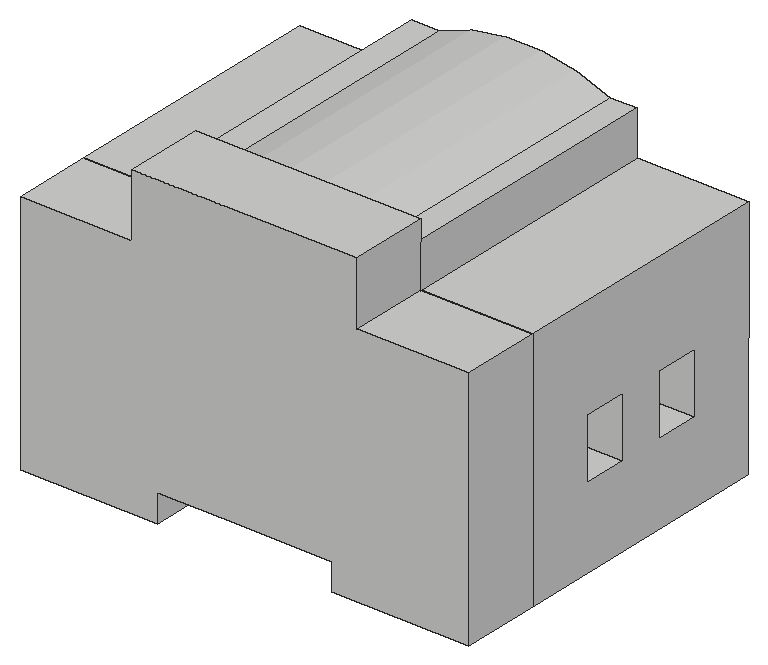
Revit family "PV Überspannungsschutz mit Fernsignalisierung", category Generic Models, Revit 2015
Parameters (values of type "V20-C 3PHFS-600")
  Width = 90 mm
  URL = "http://www.obo-bettermann.com"
  Material = OBO PA 6 GF20
  Manufacturer Art.No. = "5094576"
  Manufacturer = "OBO Bettermann"
  Length = 54 mm
  Height = 61.8 mm
  GTIN = "4012195709084"
  Cut depth = 12 mm
  Article Type = "V20-C 3PHFS-600"
Types (3, lengths in mm): name | Manufacturer Art.No. | GTIN | Article Type
  (no name) | "5094576" | "4012195709084" | "V20-C 3PHFS-600"
  V20-C 3PHFS-1000 | "5094574" | "4012195648482" | "V20-C 3PHFS-1000"
  V20-C 3PHFS-600 | "5094576" | "4012195709084" | "V20-C 3PHFS-600"
Reference planes
  plane 1 "Center (Front/Back)": y = 0
  plane 2: z = 0
  plane 3 "Center (Left/Right)": x = 0
  plane 4: z = 54.998
  plane 5: y = 27
  plane 6: y = -27
  plane 7: z = 37
  plane 8: z = 48
  plane 9: z = 46
  plane 10: z = 58
  plane 11: z = 61.8
  plane 12: x = 30.5
  plane 13: y = -43
Forms (mm)
  Extrusion 1, solid, material "OBO PA 6 GF20" <- "Material"
    sketch origin (0, 0, 0) x (1, 0, 0) y (0, 0, 1)
      loop
        line (0, 5.5) -> (17.5, 5.5) -> (17.5, 0) -> (45, 0) -> (45, 49) -> (-45, 49) -> (-45, 0) -> (-17.5, 0) -> (-17.5, 5.5) -> (0, 5.5)
    from -27 to 27
  Extrusion 2, void
    sketch origin (0, 0, 0) x (1, 0, 0) y (0, 0, 1)
      loop
        line (-22.55, 49) -> (-22.55, 12.55) -> (22.55, 12.55) -> (22.55, 49) -> (-22.55, 49)
    from -27 to 27
  Extrusion 3, solid, material "OBO PA 6 GF20" <- "Material"
    sketch origin (0, 0, 0) x (1, 0, 0) y (0, 0, 1)
      loop
        line (-22.55, 12.55) -> (22.541, 12.55) -> (22.541, 58) -> (17.141, 58)
        arc (17.141, 58) -> (-0.004, 61.8) -> (-17.15, 58) r 40.581
        line (-17.15, 58) -> (-22.55, 58) -> (-22.55, 12.55)
    from -27 to 27
  Extrusion 4, void
    sketch origin (0, 0, 0) x (0, 1, 0) y (0, 0, 1)
      loop
        line (13.5, 28.5) -> (4.5, 28.5) -> (4.5, 16.3) -> (13.5, 16.3) -> (13.5, 28.5)
      loop
        line (-4.5, 28.5) -> (-13.5, 28.5) -> (-13.5, 16.3) -> (-4.5, 16.3) -> (-4.5, 28.5)
    from 30.5 to 45
  Extrusion 5, solid, material "OBO PA 6 GF20" <- "Material"
    sketch origin (0, 0, 0) x (1, 0, 0) y (0, 0, 1)
      loop
        line (-45, 49) -> (-45, 0) -> (-17.5, 0) -> (-17.5, 5.5) -> (0, 5.5) -> (17.5, 5.5) -> (17.5, 0) -> (45, 0) -> (45, 49) -> (22.541, 49) -> (22.541, 61.8) -> (-22.55, 61.8) -> (-22.55, 49) -> (-45, 49)
    from 27 to 43
Cuts and joins
  Extrusion 2, Extrusion 4 cuts Extrusion 1
  Extrusion 4 cuts Extrusion 3
Dimensions and locks
  locked: Extrusion 1 sketch curve to plane 3 "Center (Left/Right)" at 45
  locked: Extrusion 1 sketch curve to level at 5.5
  locked: Extrusion 1 sketch curve to plane 3 "Center (Left/Right)" at 17.5
  "Width": Extrusion 1 sketch curve to Extrusion 1 sketch curve
  locked: plane 3 "Center (Left/Right)" to Extrusion 1 sketch curve at 17.5
  locked: Extrusion 1 sketch curve to level at 49
  "Length": plane 5 to plane 6
  locked: plane 8 to plane 9 at 2
  Extrusion 2 sketch curve to Extrusion 2 sketch curve = 45.1 mm
  equal spacing: Extrusion 2 sketch curve, plane 3 "Center (Left/Right)", Extrusion 2 sketch curve, locked at 22.55 each
  locked: Extrusion 1 to Extrusion 2 sketch curve at 36.45
  locked: plane 10 to cut or joined group of Extrusion 1, Extrusion 2, Extrusion 4 at 9
  "Height": plane 11 to level
  locked: Extrusion 3 sketch curve to Extrusion 3 sketch curve at 5.4  (x2)
  locked: plane 5 to plane 1 "Center (Front/Back)" at 27
  locked: Extrusion 4 sketch curve to Extrusion 4 sketch curve at 12.2
  locked: Extrusion 4 sketch curve to Extrusion 4 sketch curve at 9  (x3)
  equal spacing: Extrusion 4 sketch curve, plane 1 "Center (Front/Back)", Extrusion 4 sketch curve, locked at 4.5 each
  locked: Extrusion 4 sketch curve to level at 16.3
  locked: cut or joined group of Extrusion 1, Extrusion 2, Extrusion 4 to plane 12 at 14.5
  locked: plane 13 to plane 5 at 70
  radius of Extrusion 3 sketch curve = 40.581 mm
  aligned and locked: level to plane 2
  aligned and locked: Extrusion 1 to plane 5
  aligned and locked: plane 6 to Extrusion 1
  aligned and locked: level to Extrusion 1 sketch curve
  aligned and locked: Extrusion 2 sketch curve to Extrusion 1
  aligned and locked: Extrusion 1 to Extrusion 2  (x2)
  aligned and locked: cut or joined group of Extrusion 1, Extrusion 2, Extrusion 4 to Extrusion 3 sketch curve
  aligned and locked: Extrusion 3 sketch curve to cut or joined group of Extrusion 1, Extrusion 2, Extrusion 4
  aligned and locked: Extrusion 3 sketch curve to plane 10  (x2)
  aligned and locked: Extrusion 3 to plane 5
  aligned and locked: plane 6 to Extrusion 3
  aligned and locked: Extrusion 4 sketch curve to Extrusion 4 sketch curve  (x2)
  aligned and locked: Extrusion 4 to plane 12
  aligned and locked: Extrusion 1 to Extrusion 4
  aligned and locked: Extrusion 5 sketch curve to cut or joined group of Extrusion 1, Extrusion 2, Extrusion 4  (x9)
  aligned and locked: Extrusion 5 sketch curve to Extrusion 5 sketch curve
  aligned and locked: Extrusion 5 sketch curve to cut or joined group of Extrusion 3, Extrusion 4
  aligned and locked: Extrusion 5 sketch curve to plane 11
  aligned and locked: Extrusion 5 to plane 6
  aligned and locked: Extrusion 5 to plane 13
Automatic sketch dimensions
  Extrusion 1 sketch curve to plane 3 "Center (Left/Right)" = 0 mm
  Extrusion 1 sketch curve to level = 0 mm
  Extrusion 3 sketch curve to plane 3 "Center (Left/Right)" = 0.004 mm
  Extrusion 5 sketch curve to plane 3 "Center (Left/Right)" = 0 mm
  Extrusion 5 sketch curve to Extrusion 5 sketch curve = 22.45 mm
